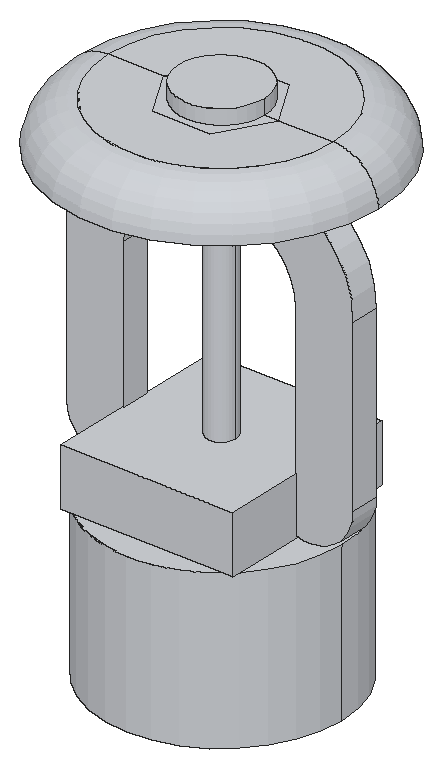
Revit family
Parameters (values of type "RASCO F1FR-300 UPRIGHT")
  Temperature Rating = 286 °F
  Response = 1
  RASCO SIN # = "R3622"
  RASCO Part # = "F1FRU3LW3"
  Pressure Rating = "300 PSI"
  Pressure Class = 1
  Orifice Size = 17/32"
  Orifice = (empty or 0)
  Model = "F1FR-300"
  Manufacturer = "RASCO"
  K-Factor = 8
  Description = "White Finish"
  Coverage = (empty or 0)
Reference planes (in)
  plane 1 "Center (Front/Back)": y = 0
  plane 2: z = 0
  plane 3 "Center (Left/Right)": x = 0
Dimensions and locks (in)
  aligned and locked: plane 2 to level
Nested families (in)
  nested 1: "F1FRU3LW3" at (0.11684, -0.01537, 0), type "RASCO F1FR-300 UPRIGHT"
Connectors (in)
  piping at (0.11684, -0.01537, 0)
    settings: on nested 1, index 1, connector radius 1/2", flow factor 0, pipe flow 0 GPM, pressure drop 0.00 psi, fitting loss kfactor 0, connector angle 0.00°, fixture units 0, flow configuration 0, flow direction 0, fitting loss method 0, system type 7, connector reference index -1, connector utility 0, adjustable connector no, is connector primary yes, fitting loss table "", connector description ""
Definition of nested family "F1FRU3LW3"
  Parameters (values of type "RASCO F1FR-300 UPRIGHT")
    Type Comments = ""
    Temperature Rating = 0 °F
    Response = (empty or 0)
    Pressure Rating = "0"
    Pressure Class = (empty or 0)
    Orifice Size = 0"
    Orifice = (empty or 0)
    Model = ""
    Manufacturer = ""
    K-Factor = 0
    Description = ""
    Coverage = (empty or 0)
    Assembly Code = ""
  Reference planes (in)
    plane 1 "Center (Front/Back)": y = 0
    plane 2: z = 0
    plane 3 "ref.2": z = 0.6875
    plane 4 "ref.3": z = 0.9375
    plane 5: x = -0.38065
    plane 6: x = 0.36935
    plane 7 "ref. side 1": y = 0.06402
    plane 8 "ref. side 2": y = -0.06098
    plane 9 "ref.4": z = 1.875
    plane 10 "ref.5": z = 2.3125
    plane 11 "ref.6": z = 2.4375
  Forms (in)
    Extrusion 1, solid
      sketch origin (0, 0, 0) x (1, 0, 0) y (0, 1, 0)
        loop
          circle (0, 0) r 0.5221
      from 0 to 0.6875
    Extrusion 2, solid
      sketch origin (-0.12185, 0.05177, 0.6875) x (1, 0, 0) y (0, 1, 0)
        loop
          line (-0.2588, 0.356) -> (-0.2588, -0.4565) -> (0.4912, -0.4565) -> (0.4912, 0.356) -> (-0.2588, 0.356)
      from 0 to 0.25
    Extrusion 3, solid
      sketch origin (0, 0, 0) x (1, 0, 0) y (0, 0, 1)
        loop
          line (-0.38065, 0.69674) -> (-0.38065, 1.58397)
          arc (-0.38065, 1.58397) -> (-0.29541, 1.78976) -> (-0.08962, 1.875) r 0.29103
          line (-0.08962, 1.875) -> (0.07524, 1.875)
          arc (0.07524, 1.875) -> (0.28321, 1.78886) -> (0.36935, 1.58089) r 0.29411
          line (0.36935, 1.58089) -> (0.36935, 0.69728)
          arc (0.36935, 0.69728) -> (0.54046, 0.72329) -> (0.61935, 0.87734) r 0.18984
          line (0.61935, 0.87734) -> (0.61935, 1.61676)
          arc (0.61935, 1.61676) -> (0.48879, 1.93194) -> (0.17361, 2.0625) r 0.44574
          line (0.17361, 2.0625) -> (-0.18509, 2.0625)
          arc (-0.18509, 2.0625) -> (-0.50015, 1.932) -> (-0.63065, 1.61694) r 0.44556
          line (-0.63065, 1.61694) -> (-0.63065, 0.87876)
          arc (-0.63065, 0.87876) -> (-0.55196, 0.72414) -> (-0.38065, 0.69674) r 0.19126
      from -0.06402 to 0.06098
    Extrusion 4, solid
      sketch origin (0, 0, 0.9375) x (-1, 0, 0) y (0, -1, 0)
        loop
          circle (0.00574, -0.00152) r 0.0625
      from 0 to 0.9375
    Extrusion 5, solid
      sketch origin (0, 0, 1.875) x (-1, 0, 0) y (0, -1, 0)
        loop
          circle (0.00574, -0.00152) r 0.1875
      from 0 to 0.4375
    Revolve 6, solid
      sketch origin (0, 0, -0.2777) x (1, 0, 0) y (0, 0, 1)
        loop
          line (-0.19324, 2.33367) -> (-0.19324, 2.52696) -> (-0.25733, 2.52696) -> (-0.49638, 2.52696)
          arc (-0.49638, 2.52696) -> (-0.63432, 2.47056) -> (-0.69321, 2.33367) r 0.19686
          line (-0.69321, 2.33367) -> (-0.19324, 2.33367)
        axis (-0.00574, 2.33367) -> (-0.00574, 2.52696)
      angle from 0 to 360
  Cuts and joins
    joined: Extrusion 1, Extrusion 2, Extrusion 4, Revolve 6
  Lines and regions (in)
    model lines
      curve 1: line (-0.00574, 0.06402, 1.875) -> (-0.00574, -0.06098, 1.875)
  Dimensions and locks (in)
    Extrusion 3 to Extrusion 3 = 0' - 1 1/4"
    Extrusion 5 to cut or joined group of Extrusion 1, Extrusion 2, Extrusion 4, Revolve 6 = 0' - 2 5/16"
